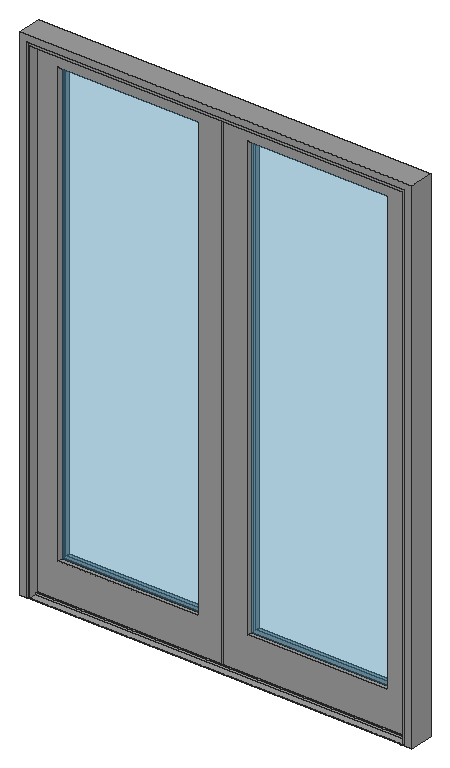
Revit family "AD-375 DOOR-Double-1-CW_v04", category Curtain Panels, Revit 2015
Parameters
  Width [instance] = 6' - 2"
  URL = "obe.com"
  Rough Width [instance] = 6' - 0"
  Panel Width [instance] = Min Panel Width  # 6' - 0"
  Panel Offset [instance] = 0' - 0"
  Offset [instance] = 0' - 1"
  Model = "AD-375 DOOR"
  Min Rough Width [instance] = if(Rough Width > 6' 2 1/2", Rough Width, 6' 2 1/2")  # 6' - 2 1/2"
  Min Panel Width [instance] = if(Rough Width > 6' 2 1/2", Rough Width - 0' 2 1/2", 6' 0")  # 6' - 0"
  Manufacturer = "Oldcastle BuildingEnvelope®"
  Keynote = "08 11 00"
  Hinge [instance] = yes
  Height [instance] = 8' - 0"
  Glass Material = Glass
  Frame Material = Aluminum
  Door Panel Height [instance] = Height - 0' 0 85/128"  # 7' - 11 43/128"
  Description = "AD-375 - 1\" Door Infill"
  Assembly Code = "B2030"
  Analytic Construction = "<None>"
  6 Bottom Rail [instance] = yes
  10 Bottom Rail [instance] = not([6 Bottom Rail])  # no
Reference planes (in)
  plane 1 "Front": y = 0
  plane 2: z = 0
  plane 3 "Center (Left/Right)": x = 0
  plane 4 "Left": x = -37
  plane 5 "Right": x = 37
  plane 6 "Top": z = 96
  plane 7 "Offset": y = -1
  plane 8: x = -37.25
  plane 9: x = 37.25
Forms (in)
  Sweep 1, solid, material "Aluminum" <- "Frame Material"
    path origin (0, -1, 0) x (-1, 0, 0) y (0, 0, 1)
      loop
        line (-37.25, 96) -> (-37.25, 0)
    profile origin (37.25, -1, 48) x (0, 1, 0) y (-1, 0, 0)
      loop
        line (0, 0) -> (0, 1.25) -> (-2.7624, 1.25) -> (-2.7624, 1.812) -> (-4.3574, 1.812) -> (-4.3574, 1.25) -> (-4.50055, 1.25) -> (-4.50055, 0) -> (0, 0)
  Sweep 2, solid, material "Aluminum" <- "Frame Material"
    path origin (0, -1, 0) x (-1, 0, 0) y (0, 0, 1)
      loop
        line (37.25, 96) -> (37.25, 0)
    profile origin (-37.25, -1, 48) x (0, 1, 0) y (-1, 0, 0)
      loop
        line (0, 0) -> (-4.50055, 0) -> (-4.50055, -1.25) -> (-4.3574, -1.25) -> (-4.3574, -1.812) -> (-2.7624, -1.812) -> (-2.7624, -1.25) -> (0, -1.25) -> (0, 0)
  Sweep 3, solid, material "Aluminum" <- "Frame Material"
    path origin (0, -1, 0) x (-1, 0, 0) y (0, 0, 1)
      loop
        line (37.25, 96) -> (-37.25, 96)
    profile origin (0, -1, 96) x (0, 0, -1) y (0, 1, 0)
      loop
        line (1.25, 0) -> (0, 0) -> (0, -4.50055) -> (1.25, -4.50055) -> (1.25, -4.3574) -> (1.812, -4.3574) -> (1.812, -2.7624) -> (1.25, -2.7624) -> (1.25, 0)
Cuts and joins
  joined: Sweep 1, Sweep 2, Sweep 3
Text (in)
  text "Exterior" at (-54.29358, 31.38743, 0), in view "Ref. Level"
  text "Exterior" at (480, 41.53993, 89.60405), in view "Right"
  text "Exterior" at (-240, 57.82419, 105.78864), in view "Left"
Dimensions and locks (in)
  equal spacing: plane 4 "Left", plane 3 "Center (Left/Right)", plane 5 "Right"
  "Width": plane 4 "Left" to plane 5 "Right"
  "Height": plane 6 "Top" to plane 2
  "Offset": plane 7 "Offset" to plane 1 "Front"
  equal spacing: plane 8, plane 3 "Center (Left/Right)", plane 9
  "Min Rough Width": plane 8 to plane 9
  aligned and locked: level to plane 2
  aligned and locked: plane 3 "Center (Left/Right)" to nested 1
  aligned and locked: nested 1 to plane 7 "Offset"
  aligned and locked: plane 2 to Sweep 1 sketch curve
  aligned and locked: plane 6 "Top" to Sweep 1 sketch curve
  aligned and locked: plane 2 to Sweep 2 sketch curve
  aligned and locked: plane 6 "Top" to Sweep 2 sketch curve
  aligned and locked: plane 6 "Top" to Sweep 3 sketch curve
  aligned and locked: plane 8 to Sweep 2 sketch curve
  aligned and locked: Sweep 1 sketch curve to plane 9
  aligned and locked: plane 9 to Sweep 3 sketch curve
  aligned and locked: plane 8 to Sweep 3 sketch curve
Automatic sketch dimensions
  Sweep 2 sketch curve to Sweep 2 sketch curve = 0' - 0.14315"
  Sweep 2 sketch curve to Sweep 2 sketch curve = 0' - 1.595"
  profile plane to Sweep 2 sketch curve = 0' - 1 1/4"  (x2)
  Sweep 2 sketch curve to Sweep 2 sketch curve = 0' - 2.7624"
  Sweep 2 sketch curve to Sweep 2 sketch curve = 0' - 0.562"
  Sweep 2 sketch curve to plane 7 "Offset" = 0' - 0"
  Sweep 2 sketch curve to profile plane = 0' - 0"
  Sweep 1 sketch curve to profile plane = 0' - 1.812"
  profile plane to Sweep 1 sketch curve = 0' - 0"
  Sweep 1 sketch curve to plane 7 "Offset" = 0' - 4.50055"
  Sweep 1 sketch curve to Sweep 1 sketch curve = 0' - 0.14315"
  Sweep 1 sketch curve to Sweep 1 sketch curve = 0' - 1.595"
  Sweep 1 sketch curve to profile plane = 0' - 1 1/4"  (x2)
  Sweep 1 sketch curve to Sweep 1 sketch curve = 0' - 2.7624"
  Sweep 3 sketch curve to profile plane = 0' - 1.812"
  Sweep 3 sketch curve to profile plane = 0' - 1 1/4"  (x2)
  Sweep 3 sketch curve to Sweep 3 sketch curve = 0' - 1 1/4"
  Sweep 3 sketch curve to plane 7 "Offset" = 0' - 4.50055"
  Sweep 3 sketch curve to Sweep 3 sketch curve = 0' - 0.14315"
  Sweep 3 sketch curve to Sweep 3 sketch curve = 0' - 1.595"
  Sweep 3 sketch curve to Sweep 3 sketch curve = 0' - 2.7624"
Nested families (in)
  nested 1: "AD-375 DOOR-Double-1-Panel_v03" at (0, -17, 0), Frame Material <- "Frame Material", Glass Material <- "Glass Material", Hinge <- "Hinge", 6 Bottom Rail <- "6 Bottom Rail", Height <- "Door Panel Height", Width <- "Min Panel Width", Offset <- "Panel Offset", type "AD-375 DOOR-Double-1-Panel"
    with Wing Width 3' - 0", built-in parameter 1001301 6' - 0", Offset 0' - 0", Hinge yes, built-in parameter 1001300 7' - 11 43/128", Glass Material Glass, Frame Material Aluminum, Bottom Rail 0' - 6 19/32", 6 Bottom Rail yes, 10 Bottom Rail no
Definition of nested family "AD-375 DOOR-Double-1-Panel_v03"
  Parameters (values of type "AD-375 DOOR-Double-1-Panel")
    Wing Width [instance] = Width / 2  # 3' - 0"
    Width [instance] = 6' - 0"
    Offset [instance] = 0' - 0"
    Hinge [instance] = yes
    Height [instance] = 8' - 0"
    Glass Material [instance] = none
    Frame Material [instance] = none
    Bottom Rail [instance] = if([10 Bottom Rail], 0' 10 19/32", 0' 6 19/32")  # 0' - 10 19/32"
    6 Bottom Rail [instance] = no
    10 Bottom Rail [instance] = not([6 Bottom Rail])  # yes
  Reference planes (in)
    plane 1 "00": y = 14.56
    plane 2: z = 0
    plane 3 "Center (Left/Right)": x = 0
    plane 4: z = 96
    plane 5: x = -36
    plane 6: x = 36
    plane 7 "Center (Front/Back)": y = 16
    plane 8 "Exterior": y = 15.06
    plane 9: z = 48
    plane 10: z = 10.59375
    plane 11: z = 92.46875
    plane 12: z = 0
    plane 13: x = -31.84147
    plane 14: x = 31.82129
    plane 15: y = 16
  Forms (in)
    Sweep 1, solid, material <- "Frame Material"
      path origin (0, 14.56, 0) x (1, 0, 0) y (0, 0, 1)
        loop
          line (-35.70353, 96) -> (-0.1998, 96)
      profile origin (-17.95166, 14.56, 96) x (0, 0, 1) y (0, -1, 0)
        loop
          line (-0.71875, -1.31943) -> (-0.71875, 1.3187) -> (-3.96875, 1.3187) -> (-3.96875, 0.5) -> (-3.53125, 0.5) -> (-3.53125, -0.5) -> (-3.96875, -0.5) -> (-3.96875, -1.31943) -> (-0.71875, -1.31943)
    Sweep 2, solid, material <- "Frame Material"
      path origin (0, 14.56, 0) x (1, 0, 0) y (0, 0, 1)
        loop
          line (-0.1998, 0) -> (-35.70353, 0)
      profile origin (-17.95166, 14.56, 0) x (0, 0, -1) y (0, -1, 0)
        loop
          line (-6.62093, -1.2884) -> (-0.375, -1.2884) -> (-0.375, 1.3187) -> (-6.62093, 1.3187) -> (-11.125, 1.3187) -> (-11.125, 0.5) -> (-10.59375, 0.5) -> (-10.59375, -0.5) -> (-11.125, -0.5) -> (-11.125, -1.2884) -> (-6.62093, -1.2884)
    Sweep 3, solid, material <- "Frame Material"
      path origin (0, 14.56, 0) x (1, 0, 0) y (0, 0, 1)
        loop
          line (36, 95.28125) -> (36, 0.375)
      profile origin (36, 14.56, 47.82813) x (0, -1, 0) y (1, 0, 0)
        loop
          line (-1.31873, -0.43321) -> (-1.31873, -4.61621) -> (-0.5, -4.61621) -> (-0.5, -4.17871) -> (0.5, -4.17871) -> (0.5, -4.61621) -> (1.3187, -4.61621) -> (1.3187, -0.32321) -> (-1.35373, -0.32321) -> (-1.35373, -0.43321) -> (-1.31873, -0.43321)
    Sweep 4, solid, material <- "Frame Material"
      path origin (0, 14.56, 0) x (1, 0, 0) y (0, 0, 1)
        loop
          line (-36, 95.28125) -> (-36, 0.375)
      profile origin (-36, 14.56, 47.82812) x (0, -1, 0) y (1, 0, 0)
        loop
          line (-1.31872, 4.59603) -> (-1.31872, 0.40647) -> (-1.35373, 0.40647) -> (-1.35373, 0.29647) -> (1.3187, 0.29647) -> (1.3187, 4.59603) -> (0.5, 4.59603) -> (0.5, 4.15198) -> (-0.5, 4.15198) -> (-0.5, 4.59603) -> (-1.31872, 4.59603)
    Sweep 5, solid, material <- "Frame Material"
      path origin (0, 14.56, 0) x (1, 0, 0) y (0, 0, 1)
        loop
          line (0, 95.28125) -> (0, 0.375)
      profile origin (0, 14.56, 47.82813) x (0, -1, 0) y (1, 0, 0)
        loop
          line (-1.31943, -4.69069) -> (-0.5, -4.69069) -> (-0.5, -4.25319) -> (0.5, -4.25319) -> (0.5, -4.69069) -> (1.31797, -4.69069) -> (1.31797, -0.1998) -> (-1.31943, -0.1998) -> (-1.31943, -4.69069)
        loop
          line (1.31797, 4.69069) -> (0.5, 4.69069) -> (0.5, 4.25319) -> (-0.5, 4.25319) -> (-0.5, 4.69069) -> (-1.31943, 4.69069) -> (-1.31943, 0.19181) -> (1.31797, 0.19181) -> (1.31797, 4.69069)
    Sweep 6, solid, material <- "Frame Material"
      path origin (0, 14.56, 0) x (1, 0, 0) y (0, 0, 1)
        loop
          line (0.22004, 96) -> (35.67679, 96)
      profile origin (17.94841, 14.56, 96) x (0, 0, 1) y (0, -1, 0)
        loop
          line (-0.71875, -1.31943) -> (-0.71875, 1.3187) -> (-2.30843, 1.3187) -> (-3.96875, 1.3187) -> (-3.96875, 0.5) -> (-3.53125, 0.5) -> (-3.53125, -0.5) -> (-3.96875, -0.5) -> (-3.96875, -1.31943) -> (-2.30843, -1.31943) -> (-0.71875, -1.31943)
    Sweep 7, solid, material <- "Frame Material"
      path origin (0, 14.56, 0) x (1, 0, 0) y (0, 0, 1)
        loop
          line (35.67679, 0) -> (0.19181, 0)
      profile origin (17.9343, 14.56, 0) x (0, 0, -1) y (0, -1, 0)
        loop
          line (-3.49593, -1.2884) -> (-0.375, -1.2884) -> (-0.375, 1.3187) -> (-11.125, 1.3187) -> (-11.125, 0.5) -> (-10.59375, 0.5) -> (-10.59375, -0.5) -> (-11.125, -0.5) -> (-11.125, -1.2884) -> (-3.49593, -1.2884)
    Extrusion 8, solid, material <- "Glass Material", detail levels medium+fine
      sketch origin (0, 0, 0) x (1, 0, 0) y (0, 1, 0)
        loop
          line (4.25319, 15.06) -> (4.25319, 14.812) -> (31.82129, 14.812) -> (31.82129, 15.06) -> (4.25319, 15.06)
        loop
          line (31.82129, 14.06) -> (31.82129, 14.308) -> (4.25319, 14.308) -> (4.25319, 14.06) -> (31.82129, 14.06)
      from 10.59375 to 92.46875
    Extrusion 9, solid, material <- "Glass Material", detail levels coarse
      sketch origin (0, 0, 0) x (1, 0, 0) y (0, 1, 0)
        loop
          line (4.25319, 15.06) -> (4.25319, 14.06) -> (31.82129, 14.06) -> (31.82129, 15.06) -> (4.25319, 15.06)
      from 10.59375 to 92.46875
    Extrusion 10, solid, material <- "Glass Material", detail levels coarse
      sketch origin (0, 0, 0) x (1, 0, 0) y (0, 1, 0)
        loop
          line (-31.84147, 15.06) -> (-31.84147, 14.06) -> (-4.31233, 14.06) -> (-4.25319, 14.06) -> (-4.25319, 15.06) -> (-31.84147, 15.06)
      from 10.59375 to 92.46875
    Extrusion 11, solid, material <- "Glass Material", detail levels medium+fine
      sketch origin (0, 0, 0) x (1, 0, 0) y (0, 1, 0)
        loop
          line (-31.84147, 15.06) -> (-31.84147, 14.812) -> (-4.25319, 14.812) -> (-4.25319, 15.06) -> (-31.84147, 15.06)
        loop
          line (-31.84147, 14.308) -> (-31.84147, 14.06) -> (-4.25, 14.06) -> (-4.25, 14.308) -> (-31.84147, 14.308)
      from 10.59375 to 92.46875
    Sweep 12, solid, material <- "Frame Material"
      path origin (0, 14.56, 0) x (1, 0, 0) y (0, 0, 1)
        loop
          line (-35.70353, 0) -> (35.67679, 0)
      profile origin (-0.01337, 14.56, 0) x (0, 0, 1) y (0, -1, 0)
        loop
          line (0.506, 1.3187) -> (0.506, 1.73385) -> (0.256, 1.86985) -> (0.09997, 3.0264)
          arc (0.09997, 3.0264) -> (0.08866, 3.04745) -> (0.06628, 3.05585) r 0.034
          line (0.06628, 3.05585) -> (0, 3.05585) -> (0, -1.44514)
          arc (0, -1.44514) -> (0.07849, -1.40969) -> (0.1262, -1.33799) r 0.156
          line (0.1262, -1.33799) -> (0.256, -0.69426) -> (0.256, 1.3187) -> (0.506, 1.3187)
  Cuts and joins
    joined: Sweep 1, Sweep 2, Sweep 3, Sweep 4, Sweep 5, Sweep 6, Sweep 7
  Lines and regions (in)
    model lines
      curve 1: line (4.59371, 15.06, 92.05875) -> (31.38379, 15.06, 48.02216)
      curve 2: line (31.38379, 15.06, 48.02216) -> (4.59371, 15.06, 11.125)
      curve 3: line (-4.5985, 15.06, 92.07372) -> (-31.40397, 15.06, 48)
      curve 4: line (-31.40397, 15.06, 48) -> (-4.5985, 15.06, 11.125)
  Dimensions and locks (in)
    "Height": plane 4 to level
    equal spacing: plane 5, plane 3 "Center (Left/Right)", plane 6
    "Offset": plane 15 to plane 7 "Center (Front/Back)"
    plane 1 "00" to plane 8 "Exterior" to plane 15 = 0' - 0 1/2" locked, 0' - 0.94" locked
    equal spacing: level, plane 9, plane 4
    locked: plane 3 "Center (Left/Right)" to Sweep 2 sketch curve at 0.1998
    locked: Sweep 3 sketch curve to plane 4 at 0.71875
    locked: Sweep 4 sketch curve to plane 4 at 0.71875
    locked: plane 3 "Center (Left/Right)" to Sweep 1 sketch curve at 0.1998
    locked: Sweep 6 sketch curve to plane 3 "Center (Left/Right)" at 0.22004
    locked: Sweep 5 sketch curve to plane 4 at 0.71875
    locked: Sweep 7 sketch curve to plane 10 at 0.53125  (x2)
    locked: Sweep 2 sketch curve to plane 10 at 0.53125  (x2)
    equal spacing: plane 4, plane 9, plane 12
    locked: plane 4 to plane 11 at 3.53125
    Extrusion 11 sketch curve to Extrusion 11 sketch curve to plane 1 "00" to Extrusion 11 sketch curve to Extrusion 11 sketch curve = 0' - 0.248" locked, 0' - 0.252" locked, 0' - 0.252" locked, 0' - 0.248" locked
    Extrusion 10 sketch curve to plane 1 "00" to Extrusion 10 sketch curve = 0' - 0 1/2" locked, 0' - 0 1/2" locked
    Extrusion 9 sketch curve to plane 1 "00" to Extrusion 9 sketch curve = 0' - 0 1/2" locked, 0' - 0 1/2" locked
    Extrusion 8 sketch curve to Extrusion 8 sketch curve to plane 1 "00" to Extrusion 8 sketch curve to Extrusion 8 sketch curve = 0' - 0.248" locked, 0' - 0.252" locked, 0' - 0.252" locked, 0' - 0.248" locked
    "Bottom Rail": plane 10 to plane 12
    locked: Extrusion 11 sketch curve to plane 3 "Center (Left/Right)" at 4.25319
    locked: Extrusion 11 sketch curve to plane 3 "Center (Left/Right)" at 4.25
    locked: Extrusion 10 sketch curve to plane 3 "Center (Left/Right)" at 4.25319
    locked: plane 3 "Center (Left/Right)" to Extrusion 9 sketch curve at 4.25319
    locked: plane 3 "Center (Left/Right)" to Extrusion 8 sketch curve at 4.25319  (x2)
    "Width": plane 5 to plane 6
    locked: plane 6 to Sweep 7 sketch curve at 0.32321
    locked: Sweep 2 sketch curve to plane 5 at 0.29647
    locked: Sweep 7 sketch curve to plane 3 "Center (Left/Right)" at 0.19181
    locked: plane 14 to plane 6 at 4.17871
    locked: plane 5 to plane 13 at 4.15853
    locked: Sweep 1 sketch curve to plane 5 at 0.29647
    locked: plane 6 to Sweep 6 sketch curve at 0.32321
    locked: plane 6 to Sweep 12 sketch curve at 0.32321
    locked: Sweep 12 sketch curve to plane 5 at 0.29647
    locked: Sweep 4 sketch curve to plane 12 at 0.375
    locked: Sweep 5 sketch curve to plane 12 at 0.375
    locked: Sweep 3 sketch curve to plane 12 at 0.375
    aligned and locked: plane 2 to level
    aligned and locked: Sweep 1 sketch curve to plane 4
    aligned and locked: Sweep 2 sketch curve to level
    aligned and locked: plane 3 "Center (Left/Right)" to Sweep 5 sketch curve
    aligned and locked: Sweep 7 sketch curve to level
    aligned and locked: plane 4 to Sweep 6 sketch curve
    aligned and locked: plane 11 to Extrusion 10
    aligned and locked: plane 11 to Extrusion 11
    aligned and locked: plane 11 to Extrusion 8
    aligned and locked: plane 11 to Extrusion 9
    aligned and locked: Sweep 6 sketch curve to plane 11
    aligned and locked: plane 10 to Sweep 2 sketch curve
    aligned and locked: Sweep 1 sketch curve to plane 11
    aligned and locked: plane 9 to curve 4
    aligned and locked: Extrusion 8 to plane 10
    aligned and locked: Extrusion 9 to plane 10
    aligned and locked: Extrusion 11 to plane 10
    aligned and locked: Extrusion 10 to plane 10
    aligned and locked: Sweep 4 sketch curve to plane 5
    aligned and locked: Sweep 3 sketch curve to plane 6
    aligned and locked: Extrusion 11 to plane 13  (x2)
    aligned and locked: Extrusion 10 to plane 13
    aligned and locked: plane 14 to Extrusion 9
    aligned and locked: plane 14 to Extrusion 8  (x2)
    aligned and locked: Sweep 12 sketch curve to plane 12
  Automatic sketch dimensions
    plane 9 to curve 2 = 0' - 0.02216"
    plane 10 to curve 2 = 0' - 0 17/32"
    plane 10 to curve 4 = 0' - 0 17/32"
    curve 1 to plane 11 = 0' - 0.41"
    curve 3 to plane 11 = 0' - 0.39503"
    curve 3 to plane 3 "Center (Left/Right)" = 0' - 4.5985"
    curve 4 to plane 3 "Center (Left/Right)" = 0' - 4.5985"
    plane 3 "Center (Left/Right)" to curve 2 = 0' - 4.59371"
    plane 3 "Center (Left/Right)" to curve 1 = 0' - 4.59371"
    Sweep 3 sketch curve to plane 1 "00" = 0' - 1.35373"
    Sweep 3 sketch curve to Sweep 3 sketch curve = 0' - 0.035"
    Sweep 3 sketch curve to plane 1 "00" = 0' - 0 1/2"
    plane 1 "00" to Sweep 3 sketch curve = 0' - 0 1/2"
    plane 1 "00" to Sweep 3 sketch curve = 0' - 1.3187"
    profile plane to Sweep 3 sketch curve = 0' - 4.61621"
    Sweep 3 sketch curve to Sweep 3 sketch curve = 0' - 0"
    Sweep 3 sketch curve to Sweep 3 sketch curve = 0' - 0 7/16"
    profile plane to Sweep 3 sketch curve = 0' - 0.43321"
    profile plane to Sweep 3 sketch curve = 0' - 0.32321"
    Sweep 4 sketch curve to plane 1 "00" = 0' - 1.35373"
    Sweep 4 sketch curve to Sweep 4 sketch curve = 0' - 0.03501"
    Sweep 4 sketch curve to plane 1 "00" = 0' - 0 1/2"
    plane 1 "00" to Sweep 4 sketch curve = 0' - 0 1/2"
    Sweep 4 sketch curve to Sweep 4 sketch curve = 0' - 0.8187"
    Sweep 4 sketch curve to profile plane = 0' - 0.29647"
    Sweep 4 sketch curve to Sweep 4 sketch curve = 0' - 0.11"
    Sweep 4 sketch curve to Sweep 4 sketch curve = 0' - 3.7455"
    Sweep 4 sketch curve to Sweep 4 sketch curve = 0' - 0.44405"  (x2)
    Extrusion 10 sketch curve to Extrusion 10 sketch curve = 0' - 0.05914"
    Sweep 5 sketch curve to plane 1 "00" = 0' - 1.31943"
    Sweep 5 sketch curve to plane 1 "00" = 0' - 0 1/2"  (x2)
    plane 1 "00" to Sweep 5 sketch curve = 0' - 0 1/2"  (x2)
    Sweep 5 sketch curve to profile plane = 0' - 0.19181"
    plane 1 "00" to Sweep 5 sketch curve = 0' - 1.31797"
    profile plane to Sweep 5 sketch curve = 0' - 0.1998"
    Sweep 5 sketch curve to Sweep 5 sketch curve = 0' - 0"
    Sweep 5 sketch curve to Sweep 5 sketch curve = 0' - 0 7/16"  (x4)
    Sweep 5 sketch curve to Sweep 5 sketch curve = 0' - 4.06138"
    Sweep 7 sketch curve to Sweep 7 sketch curve = 0' - 0 17/32"
    Sweep 7 sketch curve to plane 1 "00" = 0' - 1.2884"
    profile plane to Sweep 7 sketch curve = 0' - 3.49593"
    Sweep 7 sketch curve to plane 1 "00" = 0' - 0 1/2"
    plane 1 "00" to Sweep 7 sketch curve = 0' - 0 1/2"
    plane 1 "00" to Sweep 7 sketch curve = 0' - 1.3187"
    Sweep 6 sketch curve to Sweep 6 sketch curve = 0' - 0 7/16"  (x2)
    Sweep 6 sketch curve to Sweep 6 sketch curve = 0' - 1.22282"  (x2)
    profile plane to Sweep 6 sketch curve = 0' - 0 23/32"
    Sweep 6 sketch curve to plane 1 "00" = 0' - 1.31943"
    Sweep 6 sketch curve to plane 1 "00" = 0' - 0 1/2"
    plane 1 "00" to Sweep 6 sketch curve = 0' - 0 1/2"
    plane 1 "00" to Sweep 6 sketch curve = 0' - 1.3187"
    Sweep 2 sketch curve to plane 1 "00" = 0' - 1.2884"
    Sweep 2 sketch curve to Sweep 2 sketch curve = 0' - 3.97282"
    Sweep 2 sketch curve to Sweep 2 sketch curve = 0' - 0"
    Sweep 2 sketch curve to plane 1 "00" = 0' - 0 1/2"
    plane 1 "00" to Sweep 2 sketch curve = 0' - 0 1/2"
    plane 1 "00" to Sweep 2 sketch curve = 0' - 1.3187"
    Sweep 1 sketch curve to Sweep 1 sketch curve = 0' - 0 7/16"  (x2)
    profile plane to Sweep 1 sketch curve = 0' - 0 23/32"
    Sweep 1 sketch curve to plane 1 "00" = 0' - 1.31943"
    Sweep 1 sketch curve to plane 1 "00" = 0' - 0 1/2"
    plane 1 "00" to Sweep 1 sketch curve = 0' - 0 1/2"
    plane 1 "00" to Sweep 1 sketch curve = 0' - 1.3187"
    plane 5 to Extrusion 10 sketch curve = 0' - 4.15853"
    plane 5 to Extrusion 11 sketch curve = 0' - 4.15853"
    Extrusion 11 sketch curve to Extrusion 11 sketch curve = 0' - 0"
    plane 5 to curve 3 = 0' - 4.59603"
    Extrusion 8 sketch curve to plane 6 = 0' - 4.17871"
    Extrusion 8 sketch curve to Extrusion 8 sketch curve = 0' - 0"
    Extrusion 9 sketch curve to plane 6 = 0' - 4.17871"
    curve 2 to plane 6 = 0' - 4.61621"
    Sweep 5 sketch curve to Sweep 5 sketch curve = 0' - 0.81943"
    Sweep 5 sketch curve to Sweep 5 sketch curve = 0' - 4.05339"
    profile plane to Sweep 2 sketch curve = 0' - 0 3/8"
    profile plane to Sweep 7 sketch curve = 0' - 0 3/8"
    Sweep 12 sketch curve to profile plane = 0' - 0.506"
    plane 1 "00" to Sweep 12 sketch curve = 0' - 1.73385"
    Sweep 12 sketch curve to profile plane = 0' - 0.256"  (x2)
    Sweep 12 sketch curve to Sweep 12 sketch curve = 0' - 0.41515"
    Sweep 12 sketch curve to Sweep 12 sketch curve = 0' - 0.136"
    Sweep 12 sketch curve to profile plane = 0' - 0.09997"
    Sweep 12 sketch curve to Sweep 12 sketch curve = 0' - 1.15655"
    Sweep 12 sketch curve to Sweep 12 sketch curve = 0' - 0.03369"
    Sweep 12 sketch curve to Sweep 12 sketch curve = 0' - 0.02945"
    Sweep 12 sketch curve to plane 1 "00" = 0' - 1.44514"
    profile plane to Sweep 12 sketch curve = 0' - 0.02248"
    Sweep 12 sketch curve to Sweep 12 sketch curve = 0' - 0.15437"
    Sweep 12 sketch curve to profile plane = 0' - 0.1262"
    Sweep 12 sketch curve to Sweep 12 sketch curve = 0' - 0.64374"
    profile plane to Sweep 12 sketch curve = 0' - 0"
